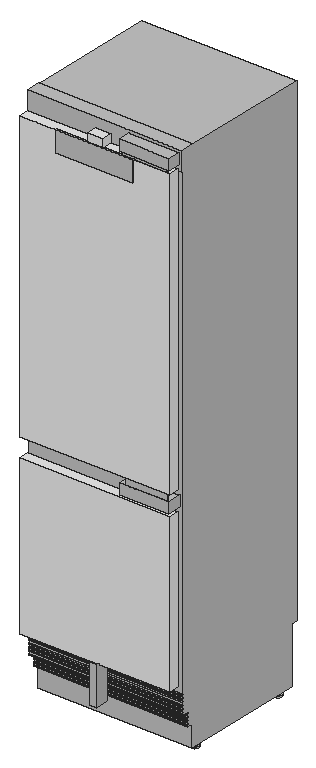
Revit family "FP_Revit_18_RS2484WRUK1_Fridge_90001070A", category Specialty Equipment, Revit 2018 (continued)
Definition of nested family "Handle Professional Round - Vertical"
  Automatic sketch dimensions
    Sweep 5 sketch curve to profile plane = 3 mm  (x2)
    Extrusion 6 sketch curve to plane 3 "Center (Left/Right)" = 0 mm
    Extrusion 6 sketch curve to plane 3 "Center (Left/Right)" = 18.5 mm
    plane 1 "Center (Front/Back)" to Extrusion 6 sketch curve = 41.7 mm
    Extrusion 6 sketch curve to Extrusion 6 sketch curve = 41.7 mm
    Extrusion 7 sketch curve to plane 3 "Center (Left/Right)" = 0 mm
    Extrusion 7 sketch curve to plane 3 "Center (Left/Right)" = 18.5 mm
    plane 1 "Center (Front/Back)" to Extrusion 7 sketch curve = 41.7 mm
    Extrusion 7 sketch curve to Extrusion 7 sketch curve = 41.7 mm
    radius of Extrusion 3 sketch curve = 12.7 mm
Definition of nested family "Handle Professional Round Flush - Vertical"
  Parameters (values of type "AHP3-RD84 - Professional round flush handle (Vertical) 677mm")
    URL = "www.fisherpaykel.com"
    Material - Handle = none
    Manufacturer = "Fisher & Paykel Appliances"
    Handle - Length = 677 mm
  Types (4): name
    (no name)
    AHP3RD2484W - Professional round flush handle (1 of 2) (Vertical) 677mm
    AHP3RD3084W - Professional round flush handle (1 of 2) (Vertical) 677mm
    AHP3-RD84 - Professional round flush handle (Vertical) 677mm
  Reference planes
    plane 1 "Center (Front/Back)": y = 0
    plane 2: z = 0
    plane 3 "Center (Left/Right)": x = 0
    plane 4 "Top": z = 338.5
    plane 5 "Bottom": z = -338.5
    plane 6 "Top Standoff": z = 303.5
    plane 7 "Bottom Standoff": z = -303.5
  Forms (mm)
    Extrusion 1, solid, material <- "Material - Handle", detail levels fine
      sketch origin (0, 0, 0) x (1, 0, 0) y (0, 1, 0)
        loop
          arc (-12.817, -46.665) -> (0, -58.016) -> (12.817, -46.665) r 12.912
          line (12.817, -46.665) -> (18.5, 0) -> (-18.5, 0) -> (-12.817, -46.665)
      from 303.5 to 338.5
    Extrusion 2, solid, material <- "Material - Handle", detail levels fine
      sketch origin (0, 0, 0) x (1, 0, 0) y (0, 1, 0)
        loop
          arc (-12.817, -46.665) -> (0, -58.016) -> (12.817, -46.665) r 12.912
          line (12.817, -46.665) -> (18.5, 0) -> (-18.5, 0) -> (-12.817, -46.665)
      from -338.5 to -303.5
    Extrusion 3, solid, material <- "Material - Handle"
      sketch origin (0, 0, 0) x (1, 0, 0) y (0, 1, 0)
        loop
          circle (0, -45.116) r 12.7
      from -303.5 to 303.5
    Sweep 4, void
      path in 3D
        loop
          line (18.5, 0, 338.5) -> (12.817, -46.665, 338.5)
          arc (12.817, -46.665, 338.5) -> (0, -58.016, 338.5) -> (-12.817, -46.665, 338.5) r 12.912
          line (-12.817, -46.665, 338.5) -> (-18.5, 0, 338.5)
      profile origin (0, -58.016, 338.5) x (0, -1, 0) y (0, 0, 1)
        loop
          line (0, 0) -> (-1.5, 0) -> (0, -1.5) -> (0, 0)
    Sweep 5, void
      path in 3D
        loop
          line (-18.5, 0, -338.5) -> (-12.817, -46.665, -338.5)
          arc (-12.817, -46.665, -338.5) -> (0, -58.016, -338.5) -> (12.817, -46.665, -338.5) r 12.912
          line (12.817, -46.665, -338.5) -> (18.5, 0, -338.5)
      profile origin (0, -58.016, -338.5) x (0, -1, 0) y (0, 0, -1)
        loop
          line (0, 0) -> (-1.5, 0) -> (0, -1.5) -> (0, 0)
    Extrusion 6, solid, material <- "Material - Handle", detail levels coarse+medium
      sketch origin (0, 0, 0) x (1, 0, 0) y (0, 1, 0)
        loop
          arc (-12.817, -46.665) -> (0, -58.016) -> (12.817, -46.665) r 12.912
          line (12.817, -46.665) -> (18.5, 0) -> (-18.5, 0) -> (-12.817, -46.665)
      from 303.5 to 338.5
    Extrusion 7, solid, material <- "Material - Handle", detail levels coarse+medium
      sketch origin (0, 0, 0) x (1, 0, 0) y (0, 1, 0)
        loop
          arc (-12.817, -46.665) -> (0, -58.016) -> (12.817, -46.665) r 12.912
          line (12.817, -46.665) -> (18.5, 0) -> (-18.5, 0) -> (-12.817, -46.665)
      from -338.5 to -303.5
  Cuts and joins
    Sweep 4 cuts Extrusion 1
    Sweep 5 cuts Extrusion 2
  Lines and regions (mm)
    sketch lines
      curve 1: arc (12.817, -46.665, 338.5) -> (0, -58.016, 338.5) -> (-12.817, -46.665, 338.5) r 12.912
      curve 2: line (12.817, -46.665, 338.5) -> (18.5, 0, 338.5)
      curve 3: line (-18.5, 0, 338.5) -> (-12.817, -46.665, 338.5)
      curve 4: arc (-12.817, -46.665, -338.5) -> (0, -58.016, -338.5) -> (12.817, -46.665, -338.5) r 12.912
      curve 5: line (18.5, 0, -338.5) -> (12.817, -46.665, -338.5)
      curve 6: line (-12.817, -46.665, -338.5) -> (-18.5, 0, -338.5)
  Dimensions and locks
    equal spacing: plane 4 "Top", level, plane 5 "Bottom"
    "Handle - Length": plane 4 "Top" to plane 5 "Bottom"
    aligned and locked: level to plane 2
    aligned and locked: plane 4 "Top" to Extrusion 1
    aligned and locked: Extrusion 1 to plane 6 "Top Standoff"
    aligned and locked: Extrusion 2 to plane 5 "Bottom"
    aligned and locked: plane 1 "Center (Front/Back)" to Extrusion 2 sketch curve
    aligned and locked: plane 6 "Top Standoff" to Extrusion 3
    aligned and locked: Extrusion 3 to plane 7 "Bottom Standoff"
  Automatic sketch dimensions
    plane 1 "Center (Front/Back)" to Extrusion 1 sketch curve = 0 mm
    Extrusion 1 sketch curve to plane 3 "Center (Left/Right)" = 0 mm
    Extrusion 1 sketch curve to plane 3 "Center (Left/Right)" = 12.817 mm
    Extrusion 1 sketch curve to plane 3 "Center (Left/Right)" = 18.5 mm
    plane 3 "Center (Left/Right)" to Extrusion 1 sketch curve = 12.817 mm
    plane 3 "Center (Left/Right)" to Extrusion 1 sketch curve = 18.5 mm
    plane 1 "Center (Front/Back)" to Extrusion 1 sketch curve = 45.104 mm
    Extrusion 1 sketch curve to Extrusion 1 sketch curve = 1.561 mm
    Extrusion 2 sketch curve to plane 3 "Center (Left/Right)" = 0 mm
    Extrusion 2 sketch curve to plane 3 "Center (Left/Right)" = 12.817 mm
    Extrusion 2 sketch curve to plane 3 "Center (Left/Right)" = 18.5 mm
    plane 3 "Center (Left/Right)" to Extrusion 2 sketch curve = 12.817 mm
    plane 3 "Center (Left/Right)" to Extrusion 2 sketch curve = 18.5 mm
    plane 1 "Center (Front/Back)" to Extrusion 2 sketch curve = 45.104 mm
    Extrusion 2 sketch curve to Extrusion 2 sketch curve = 1.561 mm
    Extrusion 3 sketch curve to plane 3 "Center (Left/Right)" = 0 mm
    plane 1 "Center (Front/Back)" to Extrusion 3 sketch curve = 45.116 mm
    Sweep 4 sketch curve to profile plane = 0 mm  (x2)
    profile plane to Sweep 4 sketch curve = 1.5 mm
    Sweep 4 sketch curve to profile plane = 1.5 mm
    profile plane to Sweep 5 sketch curve = 0 mm
    Sweep 5 sketch curve to profile plane = 0 mm
    profile plane to Sweep 5 sketch curve = 1.5 mm
    Sweep 5 sketch curve to profile plane = 1.5 mm
    Extrusion 6 sketch curve to plane 3 "Center (Left/Right)" = 0 mm
    Extrusion 6 sketch curve to plane 3 "Center (Left/Right)" = 12.817 mm
    Extrusion 6 sketch curve to plane 3 "Center (Left/Right)" = 18.5 mm
    plane 3 "Center (Left/Right)" to Extrusion 6 sketch curve = 12.817 mm
    plane 3 "Center (Left/Right)" to Extrusion 6 sketch curve = 18.5 mm
    plane 1 "Center (Front/Back)" to Extrusion 6 sketch curve = 46.665 mm
    Extrusion 6 sketch curve to Extrusion 6 sketch curve = 1.561 mm
    Extrusion 6 sketch curve to Extrusion 6 sketch curve = 46.665 mm
    Extrusion 7 sketch curve to plane 3 "Center (Left/Right)" = 0 mm
    Extrusion 7 sketch curve to plane 3 "Center (Left/Right)" = 12.817 mm
    Extrusion 7 sketch curve to plane 3 "Center (Left/Right)" = 18.5 mm
    plane 3 "Center (Left/Right)" to Extrusion 7 sketch curve = 12.817 mm
    plane 3 "Center (Left/Right)" to Extrusion 7 sketch curve = 18.5 mm
    plane 1 "Center (Front/Back)" to Extrusion 7 sketch curve = 46.665 mm
    Extrusion 7 sketch curve to Extrusion 7 sketch curve = 1.561 mm
    Extrusion 7 sketch curve to Extrusion 7 sketch curve = 46.665 mm
    radius of Extrusion 3 sketch curve = 12.7 mm
Definition of nested family "Handle Professional Square - Vertical"
  Parameters (values of type "AHV2RS3272A - Professional square handle (1 of 2) (Vertical) 727mm")
    URL = "www.fisherpaykel.com"
    Material - Handle = none
    Manufacturer = "Fisher & Paykel Appliances"
    Handle - Length = 727 mm
  Types (5, lengths in mm): name | Handle - Length
    (no name) | 727
    AHV2RD2484W - Professional square handle (1 of 2) (Vertical) 727mm | 727
    AHV2RD3084W - Professional square handle (1 of 2) (Vertical) 727mm | 727
    AHV2-RD84 - Professional square handle (Vertical) 792mm | 792
    AHV2RS3272A - Professional square handle (1 of 2) (Vertical) 727mm | 727
  Reference planes
    plane 1 "Center (Front/Back)": y = 0
    plane 2: z = 0
    plane 3 "Center (Left/Right)": x = 0
    plane 4 "Top": z = 363.5
    plane 5 "Bottom": z = -363.5
    plane 6 "Top Standoff": z = 313.5
    plane 7 "Bottom Standoff": z = -313.5
  Forms (mm)
    Extrusion 1, solid, material <- "Material - Handle", detail levels fine
      sketch origin (0, 0, 0) x (0, 1, 0) y (0, 0, 1)
        loop
          line (0, 363.5) -> (-40, 363.5)
          arc (-40, 363.5) -> (-47.071, 360.571) -> (-50, 353.5) r 10
          line (-50, 353.5) -> (-50, 313.5) -> (0, 313.5) -> (0, 363.5)
        loop
          line (0, -363.5) -> (0, -313.5) -> (-50, -313.5) -> (-50, -353.5)
          arc (-50, -353.5) -> (-47.071, -360.571) -> (-40, -363.5) r 10
          line (-40, -363.5) -> (0, -363.5)
      from -17.5 to 17.5
    Sweep 2, void
      path in 3D
        loop
          line (17.5, 0, 363.5) -> (17.5, -40, 363.5)
          arc (17.5, -40, 363.5) -> (17.5, -47.071, 360.571) -> (17.5, -50, 353.5) r 10
          line (17.5, -50, 353.5) -> (17.5, -50, 313.5)
      profile origin (17.5, -20, 363.5) x (1, 0, 0) y (0, 0, 1)
        loop
          line (0, 0) -> (-2.5, 0) -> (0, -2.5) -> (0, 0)
    Sweep 3, void
      path in 3D
        loop
          line (-17.5, -50, 313.5) -> (-17.5, -50, 353.5)
          arc (-17.5, -50, 353.5) -> (-17.5, -47.071, 360.571) -> (-17.5, -40, 363.5) r 10
          line (-17.5, -40, 363.5) -> (-17.5, 0, 363.5)
      profile origin (-17.5, -20, 363.5) x (-1, 0, 0) y (0, 0, 1)
        loop
          line (0, 0) -> (-2.5, 0) -> (0, -2.5) -> (0, 0)
    Sweep 4, void
      path in 3D
        loop
          line (17.5, -50, -313.5) -> (17.5, -50, -353.5)
          arc (17.5, -50, -353.5) -> (17.5, -47.071, -360.571) -> (17.5, -40, -363.5) r 10
          line (17.5, -40, -363.5) -> (17.5, 0, -363.5)
      profile origin (17.5, -20, -363.5) x (1, 0, 0) y (0, 0, -1)
        loop
          line (0, 0) -> (-2.5, 0) -> (0, -2.5) -> (0, 0)
    Sweep 5, void
      path in 3D
        loop
          line (-17.5, 0, -363.5) -> (-17.5, -40, -363.5)
          arc (-17.5, -40, -363.5) -> (-17.5, -47.071, -360.571) -> (-17.5, -50, -353.5) r 10
          line (-17.5, -50, -353.5) -> (-17.5, -50, -313.5)
      profile origin (-17.5, -20, -363.5) x (-1, 0, 0) y (0, 0, -1)
        loop
          line (0, 0) -> (-2.5, 0) -> (0, -2.5) -> (0, 0)
    Extrusion 6, solid, material <- "Material - Handle", detail levels fine
      sketch origin (0, 0, 0) x (1, 0, 0) y (0, 1, 0)
        loop
          line (-15.5, -36.737) -> (-15.5, -46.422) -> (-14.172, -47.75) -> (14.172, -47.75) -> (15.5, -46.422) -> (15.5, -36.737)
          arc (15.5, -36.737) -> (0, -32.25) -> (-15.5, -36.737) r 29.013
      from -313.5 to 313.5
    Extrusion 7, solid, material <- "Material - Handle", detail levels coarse+medium
      sketch origin (0, 0, 0) x (0, 1, 0) y (0, 0, 1)
        loop
          line (0, 363.5) -> (-40, 363.5)
          arc (-40, 363.5) -> (-47.071, 360.571) -> (-50, 353.5) r 10
          line (-50, 353.5) -> (-50, -353.5)
          arc (-50, -353.5) -> (-47.071, -360.571) -> (-40, -363.5) r 10
          line (-40, -363.5) -> (0, -363.5) -> (0, -313.5) -> (-31.95, -313.5) -> (-31.95, 313.5) -> (0, 313.5) -> (0, 363.5)
      from -17.5 to 17.5
  Cuts and joins
    Sweep 2, Sweep 3, Sweep 4, Sweep 5 cuts Extrusion 1
  Lines and regions (mm)
    sketch lines
      curve 1: line (17.5, 0, 363.5) -> (17.5, -40, 363.5)
      curve 2: arc (17.5, -50, 353.5) -> (17.5, -47.071, 360.571) -> (17.5, -40, 363.5) r 10
      curve 3: line (17.5, -50, 353.5) -> (17.5, -50, 313.5)
      curve 4: line (-17.5, -40, 363.5) -> (-17.5, 0, 363.5)
      curve 5: arc (-17.5, -40, 363.5) -> (-17.5, -47.071, 360.571) -> (-17.5, -50, 353.5) r 10
      curve 6: line (-17.5, -50, 313.5) -> (-17.5, -50, 353.5)
      curve 7: line (17.5, -40, -363.5) -> (17.5, 0, -363.5)
      curve 8: arc (17.5, -40, -363.5) -> (17.5, -47.071, -360.571) -> (17.5, -50, -353.5) r 10
      curve 9: line (17.5, -50, -313.5) -> (17.5, -50, -353.5)
      curve 10: line (-17.5, 0, -363.5) -> (-17.5, -40, -363.5)
      curve 11: arc (-17.5, -50, -353.5) -> (-17.5, -47.071, -360.571) -> (-17.5, -40, -363.5) r 10
      curve 12: line (-17.5, -50, -353.5) -> (-17.5, -50, -313.5)
  Dimensions and locks
    equal spacing: plane 4 "Top", level, plane 5 "Bottom"
    "Handle - Length": plane 4 "Top" to plane 5 "Bottom"
    plane 7 "Bottom Standoff" to plane 5 "Bottom" = 50 mm
    plane 4 "Top" to plane 6 "Top Standoff" = 50 mm
    aligned and locked: level to plane 2
    aligned and locked: plane 4 "Top" to Extrusion 1 sketch curve
    aligned and locked: plane 5 "Bottom" to Extrusion 1 sketch curve
    aligned and locked: Extrusion 1 sketch curve to plane 1 "Center (Front/Back)"
    aligned and locked: plane 1 "Center (Front/Back)" to Extrusion 1 sketch curve
    aligned and locked: plane 6 "Top Standoff" to Extrusion 1 sketch curve
    aligned and locked: plane 7 "Bottom Standoff" to Extrusion 1 sketch curve
    aligned and locked: plane 6 "Top Standoff" to Extrusion 6
    aligned and locked: Extrusion 6 to plane 7 "Bottom Standoff"
    aligned and locked: plane 4 "Top" to Extrusion 7 sketch curve
    aligned and locked: plane 6 "Top Standoff" to Extrusion 7 sketch curve
    aligned and locked: plane 1 "Center (Front/Back)" to Extrusion 7 sketch curve
    aligned and locked: plane 7 "Bottom Standoff" to Extrusion 7 sketch curve
    aligned and locked: plane 5 "Bottom" to Extrusion 7 sketch curve
    aligned and locked: Extrusion 7 sketch curve to plane 1 "Center (Front/Back)"
  Automatic sketch dimensions
    Sweep 2 sketch curve to profile plane = 0 mm
    profile plane to Sweep 2 sketch curve = 0 mm
    profile plane to Sweep 2 sketch curve = 2.5 mm
    Sweep 2 sketch curve to profile plane = 2.5 mm
    Sweep 3 sketch curve to profile plane = 0 mm  (x2)
    profile plane to Sweep 3 sketch curve = 2.5 mm
    Sweep 3 sketch curve to profile plane = 2.5 mm
    Sweep 4 sketch curve to profile plane = 0 mm
    profile plane to Sweep 4 sketch curve = 0 mm
    profile plane to Sweep 4 sketch curve = 2.5 mm
    Sweep 4 sketch curve to profile plane = 2.5 mm
    Sweep 5 sketch curve to profile plane = 0 mm  (x2)
    profile plane to Sweep 5 sketch curve = 2.5 mm
    Sweep 5 sketch curve to profile plane = 2.5 mm
    plane 1 "Center (Front/Back)" to Extrusion 1 sketch curve = 40 mm  (x2)
    Extrusion 1 sketch curve to Extrusion 1 sketch curve = 10 mm  (x2)
    Extrusion 6 sketch curve to plane 3 "Center (Left/Right)" = 0 mm
    Extrusion 6 sketch curve to Extrusion 6 sketch curve = 1.328 mm  (x4)
    plane 1 "Center (Front/Back)" to Extrusion 6 sketch curve = 61.263 mm
    Extrusion 6 sketch curve to Extrusion 6 sketch curve = 13.513 mm
    Extrusion 6 sketch curve to Extrusion 6 sketch curve = 9.684 mm  (x2)
    Extrusion 6 sketch curve to plane 3 "Center (Left/Right)" = 14.172 mm
    plane 1 "Center (Front/Back)" to Extrusion 7 sketch curve = 31.95 mm
    plane 1 "Center (Front/Back)" to Extrusion 7 sketch curve = 40 mm  (x2)
    Extrusion 7 sketch curve to plane 4 "Top" = 10 mm
Definition of nested family "Handle Contemporary Round - Horizontal"
  Parameters (values of type "AHSRS80A - Contemporary round handle (2 of 2) (Horizontal) 646mm")
    URL = "www.fisherpaykel.com"
    Product - Width = 646 mm
    Material - Handle = none
    Manufacturer = "Fisher & Paykel Appliances"
  Types (5, lengths in mm): name | Product - Width
    (no name) | 646
    AHSRD2484W - Contemporary round handle (2 of 2) (Horizontal) 494mm | 494
    AHSRD3084W - Contemporary round handle (2 of 2) (Horizontal) 646mm | 646
    AHSRS3272A - Contemporary round handle (2 of 2) (Horizontal) 646mm | 646
    AHSRS80A - Contemporary round handle (2 of 2) (Horizontal) 646mm | 646
  Reference planes
    plane 1 "Center (Front/Back)": y = 0
    plane 2: z = 0
    plane 3 "Center (Left/Right)": x = 0
    plane 4 "Product LHS": x = -323
    plane 5 "Product RHS": x = 323
    plane 6 "LHS Standoff": x = -202.995
    plane 7 "RHS Standoff": x = 203.005
  Forms (mm)
    Extrusion 1, solid, material <- "Material - Handle"
      sketch origin (0, 0, 0) x (0, 1, 0) y (0, 0, 1)
        loop
          circle (-32.3, 0) r 8.7
      from -202.995 to 203.005
    Extrusion 2, solid, material <- "Material - Handle", detail levels fine
      sketch origin (0, 0, 0) x (0, 1, 0) y (0, 0, 1)
        loop
          line (0, 8.7) -> (-32.3, 8.7)
          arc (-32.3, 8.7) -> (-41, 0) -> (-32.3, -8.7) r 8.7
          line (-32.3, -8.7) -> (0, -8.7) -> (0, 8.7)
      from 203.005 to 323
    Extrusion 3, solid, material <- "Material - Handle", detail levels fine
      sketch origin (0, 0, 0) x (0, 1, 0) y (0, 0, -1)
        loop
          line (0, -8.7) -> (0, 8.7) -> (-32.3, 8.7)
          arc (-32.3, 8.7) -> (-41, 0) -> (-32.3, -8.7) r 8.7
          line (-32.3, -8.7) -> (0, -8.7)
      from 202.995 to 323
    Sweep 4, void
      path in 3D
        loop
          line (323, 0, 8.7) -> (323, -32.3, 8.7)
          arc (323, -32.3, 8.7) -> (323, -41, 0) -> (323, -32.3, -8.7) r 8.7
          line (323, -32.3, -8.7) -> (323, 0, -8.7)
      profile origin (323, -16.15, 8.7) x (1, 0, 0) y (0, 0, 1)
        loop
          line (0, 0) -> (-1, 0) -> (0, -1) -> (0, 0)
    Sweep 5, void
      path in 3D
        loop
          line (-323, 0, -8.7) -> (-323, -32.3, -8.7)
          arc (-323, -32.3, -8.7) -> (-323, -41, 0) -> (-323, -32.3, 8.7) r 8.7
          line (-323, -32.3, 8.7) -> (-323, 0, 8.7)
      profile origin (-323, -16.15, 8.7) x (-1, 0, 0) y (0, 0, 1)
        loop
          line (0, 0) -> (-1, 0) -> (0, -1) -> (0, 0)
    Extrusion 6, solid, material <- "Material - Handle", detail levels coarse+medium
      sketch origin (0, 0, 0) x (0, 1, 0) y (0, 0, 1)
        loop
          line (0, 8.7) -> (-32.3, 8.7)
          arc (-32.3, 8.7) -> (-41, 0) -> (-32.3, -8.7) r 8.7
          line (-32.3, -8.7) -> (0, -8.7) -> (0, 8.7)
      from 203.005 to 323
    Extrusion 7, solid, material <- "Material - Handle", detail levels coarse+medium
      sketch origin (0, 0, 0) x (0, 1, 0) y (0, 0, -1)
        loop
          line (0, -8.7) -> (0, 8.7) -> (-32.3, 8.7)
          arc (-32.3, 8.7) -> (-41, 0) -> (-32.3, -8.7) r 8.7
          line (-32.3, -8.7) -> (0, -8.7)
      from 202.995 to 323
  Cuts and joins
    Sweep 4 cuts Extrusion 2
    Sweep 5 cuts Extrusion 3
  Lines and regions (mm)
    sketch lines
      curve 1: line (323, 0, 8.7) -> (323, -32.3, 8.7)
      curve 2: arc (323, -32.3, -8.7) -> (323, -41, 0) -> (323, -32.3, 8.7) r 8.7
      curve 3: line (323, -32.3, -8.7) -> (323, 0, -8.7)
      curve 4: line (-323, -32.3, 8.7) -> (-323, 0, 8.7)
      curve 5: arc (-323, -32.3, 8.7) -> (-323, -41, 0) -> (-323, -32.3, -8.7) r 8.7
      curve 6: line (-323, 0, -8.7) -> (-323, -32.3, -8.7)
  Dimensions and locks
    equal spacing: plane 4 "Product LHS", plane 3 "Center (Left/Right)", plane 5 "Product RHS"
    "Product - Width": plane 4 "Product LHS" to plane 5 "Product RHS"
    locked: plane 4 "Product LHS" to plane 6 "LHS Standoff" at 120.005
    locked: plane 7 "RHS Standoff" to plane 5 "Product RHS" at 119.995
    equal spacing: Extrusion 2 sketch curve, level, Extrusion 2 sketch curve
    Extrusion 3 sketch curve to Extrusion 3 sketch curve = 17.4 mm
    Extrusion 6 sketch curve to Extrusion 6 sketch curve = 17.4 mm
    Extrusion 7 sketch curve to Extrusion 7 sketch curve = 17.4 mm
    aligned and locked: level to plane 2
    aligned and locked: plane 7 "RHS Standoff" to Extrusion 1
    aligned and locked: Extrusion 2 to Extrusion 1
    aligned and locked: Extrusion 2 to plane 5 "Product RHS"
    aligned and locked: plane 4 "Product LHS" to Extrusion 3
    aligned and locked: plane 6 "LHS Standoff" to Extrusion 3
    aligned and locked: Extrusion 1 to plane 6 "LHS Standoff"
    aligned and locked: Extrusion 6 to Extrusion 1
    aligned and locked: Extrusion 6 to plane 5 "Product RHS"
    aligned and locked: plane 4 "Product LHS" to Extrusion 7
    aligned and locked: Extrusion 7 to Extrusion 1
  Automatic sketch dimensions
    Extrusion 1 sketch curve to level = 0 mm
    plane 1 "Center (Front/Back)" to Extrusion 1 sketch curve = 32.3 mm
    Extrusion 2 sketch curve to plane 1 "Center (Front/Back)" = 0 mm
    Extrusion 2 sketch curve to level = 8.7 mm
    plane 1 "Center (Front/Back)" to Extrusion 2 sketch curve = 32.3 mm
    Extrusion 3 sketch curve to level = 0 mm
    Extrusion 3 sketch curve to plane 1 "Center (Front/Back)" = 0 mm
    Extrusion 3 sketch curve to level = 8.7 mm
    plane 1 "Center (Front/Back)" to Extrusion 3 sketch curve = 32.3 mm
    Sweep 4 sketch curve to profile plane = 0 mm
    profile plane to Sweep 4 sketch curve = 0 mm
    profile plane to Sweep 4 sketch curve = 1 mm
    Sweep 4 sketch curve to profile plane = 1 mm
    Sweep 5 sketch curve to profile plane = 0 mm  (x2)
    profile plane to Sweep 5 sketch curve = 1 mm
    Sweep 5 sketch curve to profile plane = 1 mm
    Extrusion 6 sketch curve to level = 0 mm
    level to Extrusion 6 sketch curve = 8.7 mm
    plane 1 "Center (Front/Back)" to Extrusion 6 sketch curve = 32.3 mm
    Extrusion 6 sketch curve to Extrusion 6 sketch curve = 32.3 mm
    Extrusion 7 sketch curve to level = 0 mm
    level to Extrusion 7 sketch curve = 8.7 mm
    plane 1 "Center (Front/Back)" to Extrusion 7 sketch curve = 32.3 mm
    Extrusion 7 sketch curve to Extrusion 7 sketch curve = 32.3 mm
    radius of Extrusion 1 sketch curve = 8.7 mm
Definition of nested family "Handle Contemporary Square - Horizontal"
  Parameters (values of type "AHD3RD3084W - Contemporary square handle (2 of 2) (Horizontal) 646mm")
    URL = "www.fisherpaykel.com"
    Material - Handle = none
    Manufacturer = "Fisher & Paykel Appliances"
    Handle - Length = 646 mm
  Types (5, lengths in mm): name | Handle - Length
    (no name) | 646
    AHD3RD2484W - Contemporary square handle (2 of 2) (Horizontal) 494mm | 494
    AHD3RD3084W - Contemporary square handle (2 of 2) (Horizontal) 646mm | 646
    AHD3RS3272A - Contemporary square handle (2 of 2) (Horizontal) 646mm | 646
    AHD3RS80A - Contemporary square handle (2 of 2) (Horizontal) 646mm | 646
  Reference planes
    plane 1 "Center (Front/Back)": y = 0
    plane 2: z = 0
    plane 3 "Center (Left/Right)": x = 0
    plane 4 "Product LHS": x = -323
    plane 5 "Product RHS": x = 323
    plane 6 "LHS Standoff": x = -202.995
    plane 7 "RHS Standoff": x = 203.005
  Forms (mm)
    Extrusion 1, solid, material <- "Material - Handle", detail levels fine
      sketch origin (0, 0, 0) x (0, 1, 0) y (0, 0, 1)
        loop
          arc (-28.701, 7.561) -> (-29.057, 7.868) -> (-29.514, 7.978) r 1
          line (-29.514, 7.978) -> (-40.5, 7.978)
          arc (-40.5, 7.978) -> (-41.561, 7.539) -> (-42, 6.478) r 1.5
          line (-42, 6.478) -> (-42, -6.522)
          arc (-42, -6.522) -> (-41.561, -7.583) -> (-40.5, -8.022) r 1.5
          line (-40.5, -8.022) -> (-29.487, -8.022)
          arc (-29.487, -8.022) -> (-29.029, -7.911) -> (-28.673, -7.602) r 1
          arc (-28.673, -7.602) -> (-26.256, -0.016) -> (-28.701, 7.561) r 13.038
      from -323 to 323
    Extrusion 2, solid, material <- "Material - Handle", detail levels fine
      sketch origin (0, 0, 0) x (0, 1, 0) y (0, 0, 1)
        loop
          arc (-28.23, 7.062) -> (-26.156, 0.008) -> (-28.198, -7.056) r 13.136
          arc (-28.198, -7.056) -> (-28.21, -7.463) -> (-27.86, -7.67) r 0.4
          line (-27.86, -7.67) -> (0, -7.67) -> (0, 7.678) -> (-27.893, 7.678)
          arc (-27.893, 7.678) -> (-28.244, 7.47) -> (-28.23, 7.062) r 0.4
      from 203.005 to 323
    Extrusion 3, solid, material <- "Material - Handle", detail levels fine
      sketch origin (0, 0, 0) x (0, 1, 0) y (0, 0, -1)
        loop
          arc (-28.23, -7.062) -> (-28.244, -7.47) -> (-27.893, -7.678) r 0.4
          line (-27.893, -7.678) -> (0, -7.678) -> (0, 7.67) -> (-27.86, 7.67)
          arc (-27.86, 7.67) -> (-28.21, 7.463) -> (-28.198, 7.056) r 0.4
          arc (-28.198, 7.056) -> (-26.156, -0.008) -> (-28.23, -7.062) r 13.136
      from 202.995 to 323
    Sweep 4, void
      path in 3D
        loop
          line (323, -29.514, 7.978) -> (323, -40.5, 7.978)
          arc (323, -40.5, 7.978) -> (323, -41.561, 7.539) -> (323, -42, 6.478) r 1.5
          line (323, -42, 6.478) -> (323, -42, -6.522)
          arc (323, -42, -6.522) -> (323, -41.561, -7.583) -> (323, -40.5, -8.022) r 1.5
          line (323, -40.5, -8.022) -> (323, -29.487, -8.022)
      profile origin (323, -35.007, 7.978) x (1, 0, 0) y (0, 0, 1)
        loop
          line (0, 0) -> (-1.3, 0) -> (0, -1.3) -> (0, 0)
    Sweep 5, void
      path in 3D
        loop
          line (-323, -29.487, -8.022) -> (-323, -40.5, -8.022)
          arc (-323, -40.5, -8.022) -> (-323, -41.561, -7.583) -> (-323, -42, -6.522) r 1.5
          line (-323, -42, -6.522) -> (-323, -42, 6.478)
          arc (-323, -42, 6.478) -> (-323, -41.561, 7.539) -> (-323, -40.5, 7.978) r 1.5
          line (-323, -40.5, 7.978) -> (-323, -29.514, 7.978)
      profile origin (-323, -35.007, 7.978) x (-1, 0, 0) y (0, 0, 1)
        loop
          line (0, 0) -> (-1.3, 0) -> (0, -1.3) -> (0, 0)
    Extrusion 6, void
      sketch origin (0, 0, 0) x (1, 0, 0) y (0, 0, 1)
        loop
          line (323, 7.978) -> (321.7, 7.978) -> (323, 6.678) -> (323, 7.978)
        loop
          line (323, -8.022) -> (323, -6.722) -> (321.7, -8.022) -> (323, -8.022)
      from 0 to 40
    Extrusion 7, void
      sketch origin (0, 0, 0) x (1, 0, 0) y (0, 0, 1)
        loop
          line (-323, 7.978) -> (-323, 6.678) -> (-321.7, 7.978) -> (-323, 7.978)
        loop
          line (-323, -8.022) -> (-321.7, -8.022) -> (-323, -6.722) -> (-323, -8.022)
      from 0 to 40
    Extrusion 8, solid, material <- "Material - Handle", detail levels coarse+medium
      sketch origin (0, 0, 0) x (1, 0, 0) y (0, 1, 0)
        loop
          line (-323, -42) -> (323, -42) -> (323, 0) -> (203.005, 0) -> (203.005, -26.156) -> (-202.995, -26.156) -> (-202.995, 0) -> (-323, 0) -> (-323, -42)
      from -8.022 to 7.978
  Cuts and joins
    Sweep 4, Sweep 5, Extrusion 6, Extrusion 7 cuts Extrusion 1
    Extrusion 6 cuts Extrusion 2
    Extrusion 7 cuts Extrusion 3
  Lines and regions (mm)
    sketch lines
      curve 1: line (323, -29.514, 7.978) -> (323, -40.5, 7.978)
      curve 2: arc (323, -42, 6.478) -> (323, -41.561, 7.539) -> (323, -40.5, 7.978) r 1.5
      curve 3: line (323, -42, 6.478) -> (323, -42, -6.522)
      curve 4: arc (323, -40.5, -8.022) -> (323, -41.561, -7.583) -> (323, -42, -6.522) r 1.5
      curve 5: line (323, -40.5, -8.022) -> (323, -29.487, -8.022)
      curve 6: line (-323, -40.5, 7.978) -> (-323, -29.514, 7.978)
      curve 7: arc (-323, -40.5, 7.978) -> (-323, -41.561, 7.539) -> (-323, -42, 6.478) r 1.5
      curve 8: line (-323, -42, -6.522) -> (-323, -42, 6.478)
      curve 9: arc (-323, -42, -6.522) -> (-323, -41.561, -7.583) -> (-323, -40.5, -8.022) r 1.5
      curve 10: line (-323, -29.487, -8.022) -> (-323, -40.5, -8.022)
  Dimensions and locks
    equal spacing: plane 4 "Product LHS", plane 3 "Center (Left/Right)", plane 5 "Product RHS"
    "Handle - Length": plane 4 "Product LHS" to plane 5 "Product RHS"
    locked: plane 4 "Product LHS" to plane 6 "LHS Standoff" at 120.005
    locked: plane 7 "RHS Standoff" to plane 5 "Product RHS" at 119.995
    aligned and locked: level to plane 2
    aligned and locked: Extrusion 1 to plane 5 "Product RHS"
    aligned and locked: plane 4 "Product LHS" to Extrusion 1
    aligned and locked: Extrusion 2 to plane 5 "Product RHS"
    aligned and locked: plane 4 "Product LHS" to Extrusion 3
    aligned and locked: plane 4 "Product LHS" to Extrusion 8 sketch curve
    aligned and locked: Extrusion 8 sketch curve to plane 5 "Product RHS"
    aligned and locked: Extrusion 8 sketch curve to plane 7 "RHS Standoff"
    aligned and locked: plane 6 "LHS Standoff" to Extrusion 8 sketch curve
    aligned and locked: Extrusion 2 to plane 7 "RHS Standoff"
    aligned and locked: plane 6 "LHS Standoff" to Extrusion 3
  Automatic sketch dimensions
    Extrusion 1 sketch curve to level = 6.522 mm
    plane 1 "Center (Front/Back)" to Extrusion 1 sketch curve = 42 mm
    Extrusion 1 sketch curve to Extrusion 1 sketch curve = 1.5 mm  (x2)
    Extrusion 1 sketch curve to level = 0.04 mm
    Extrusion 1 sketch curve to Extrusion 1 sketch curve = 1.206 mm
    level to Extrusion 1 sketch curve = 6.978 mm
    Extrusion 1 sketch curve to Extrusion 1 sketch curve = 10.986 mm
    Extrusion 1 sketch curve to Extrusion 1 sketch curve = 11.013 mm
    Extrusion 1 sketch curve to Extrusion 1 sketch curve = 1 mm
    level to Extrusion 1 sketch curve = 6.478 mm
    Extrusion 1 sketch curve to Extrusion 1 sketch curve = 0 mm
    Extrusion 2 sketch curve to plane 1 "Center (Front/Back)" = 0 mm
    Extrusion 2 sketch curve to level = 7.67 mm
    Extrusion 2 sketch curve to Extrusion 2 sketch curve = 27.86 mm
    level to Extrusion 2 sketch curve = 7.678 mm
    Extrusion 2 sketch curve to Extrusion 2 sketch curve = 0.033 mm
    Extrusion 2 sketch curve to level = 0.022 mm
    Extrusion 2 sketch curve to Extrusion 2 sketch curve = 11.398 mm
    Extrusion 2 sketch curve to Extrusion 2 sketch curve = 0.4 mm  (x2)
    Extrusion 2 sketch curve to Extrusion 2 sketch curve = 0 mm
    Extrusion 3 sketch curve to plane 1 "Center (Front/Back)" = 0 mm
    Extrusion 3 sketch curve to level = 7.67 mm
    Extrusion 3 sketch curve to Extrusion 3 sketch curve = 27.86 mm
    level to Extrusion 3 sketch curve = 7.678 mm
    Extrusion 3 sketch curve to Extrusion 3 sketch curve = 0.033 mm
    Extrusion 3 sketch curve to level = 0.022 mm
    Extrusion 3 sketch curve to Extrusion 3 sketch curve = 11.398 mm
    Extrusion 3 sketch curve to Extrusion 3 sketch curve = 0.4 mm  (x2)
    Extrusion 3 sketch curve to Extrusion 3 sketch curve = 0 mm
    profile plane to Sweep 4 sketch curve = 0 mm
    Sweep 4 sketch curve to profile plane = 0 mm
    Sweep 4 sketch curve to profile plane = 1.3 mm
    profile plane to Sweep 4 sketch curve = 1.3 mm
    Sweep 5 sketch curve to profile plane = 0 mm  (x2)
    profile plane to Sweep 5 sketch curve = 1.3 mm
    Sweep 5 sketch curve to profile plane = 1.3 mm
    plane 5 "Product RHS" to Extrusion 6 sketch curve = 0 mm  (x2)
    Extrusion 6 sketch curve to Extrusion 6 sketch curve = 1.3 mm  (x4)
    Extrusion 6 sketch curve to level = 6.722 mm
    level to Extrusion 6 sketch curve = 6.678 mm
    plane 4 "Product LHS" to Extrusion 7 sketch curve = 0 mm  (x2)
    Extrusion 7 sketch curve to plane 4 "Product LHS" = 1.3 mm  (x2)
    Extrusion 7 sketch curve to level = 8.022 mm
    level to Extrusion 7 sketch curve = 6.678 mm
    Extrusion 7 sketch curve to Extrusion 7 sketch curve = 1.3 mm  (x2)
    plane 1 "Center (Front/Back)" to Extrusion 8 sketch curve = 0 mm  (x2)
    Extrusion 8 sketch curve to Extrusion 8 sketch curve = 26.156 mm
    Extrusion 8 sketch curve to Extrusion 8 sketch curve = 42 mm
Definition of nested family "F&P Handle Kit - Contemporary Square Fine - Horizontal"
  Parameters (values of type "AHD5RD2484W - Contemporary square fine handle (2 of 2) (Horizontal) 494mm")
    URL = "www.fisherpaykel.com"
    Material - Handle = none
    Manufacturer = "Fisher & Paykel Appliances"
    Handle - Length = 494 mm
  Types (15, lengths in mm): name | Handle - Length
    (no name) | 494
    AHD5RD2484W - Contemporary square fine handle (2 of 2) (Horizontal) 494mm | 494
    AHD5RD2484WB - Contemporary square fine black handle (2 of 2) (Horizontal) 494mm | 494
    AHD5RD3084W - Contemporary square fine handle (2 of 2) (Horizontal) 646mm | 646
    AHD5RD3084WB - Contemporary square fine black handle (2 of 2) (Horizontal) 646mm | 646
    AHD5RD7621W - Contemporary square fine handle (2 of 2) (Horizontal) 646mm | 646
    AHD5RD7621WB - Contemporary square fine handle black (2 of 2) (Horizontal) 646mm | 646
    AHD5RD6121W - Contemporary square fine handle (2 of 2) (Horizontal) 494mm | 494
    AHD5RD6121WB - Contemporary square fine handle black (2 of 2) (Horizontal) 494mm | 494
    AHD5RD36A - Contemporary square fine handle (2 of 2) (Horizontal) 746mm | 746
    AHD5RD36AB - Contemporary square fine black handle (2 of 2) (Horizontal) 746mm | 746
    AHD5RD90A - Contemporary square fine handle (2 of 2) (Horizontal) 746mm | 746
    AHD5RD80A - Contemporary square fine handle (2 of 2) (Horizontal) 646mm | 646
    AHD5RD80AB - Contemporary square fine black handle (2 of 2) (Horizontal) 646mm | 646
    AHD5RD90AB - Contemporary square fine black handle (2 of 2) (Horizontal) 746mm | 746
  Reference planes
    plane 1 "Center (Front/Back)": y = 0
    plane 2: z = 0
    plane 3 "Center (Left/Right)": x = 0
    plane 4 "Product LHS": x = -247
    plane 5 "Product RHS": x = 247
    plane 6 "LHS Standoff": x = -126.995
    plane 7 "RHS Standoff": x = 127.005
  Forms (mm)
    Extrusion 1, solid, material <- "Material - Handle", detail levels fine
      sketch origin (0, 0, 0) x (0, 1, 0) y (0, 0, 1)
        loop
          arc (-26.813, 6.16) -> (-27.196, 6.554) -> (-27.728, 6.686) r 1
          line (-27.728, 6.686) -> (-40.035, 6.256)
          arc (-40.035, 6.256) -> (-40.719, 5.951) -> (-41, 5.257) r 1
          line (-41, 5.257) -> (-41, -5.257)
          arc (-41, -5.257) -> (-40.719, -5.951) -> (-40.035, -6.256) r 1
          line (-40.035, -6.256) -> (-27.709, -6.686)
          arc (-27.709, -6.686) -> (-27.175, -6.554) -> (-26.792, -6.158) r 1
          arc (-26.792, -6.158) -> (-25.256, 0.004) -> (-26.813, 6.16) r 13.038
      from -247 to 247
    Extrusion 2, solid, material <- "Material - Handle", detail levels fine
      sketch origin (0, 0, 0) x (0, 1, 0) y (0, 0, 1)
        loop
          arc (-26.626, -6.008) -> (-26.614, -6.49) -> (-26.2, -6.737) r 0.5
          line (-26.2, -6.737) -> (0, -7.696) -> (0, 7.704) -> (-26.174, 6.747)
          arc (-26.174, 6.747) -> (-26.587, 6.5) -> (-26.6, 6.019) r 0.5
          arc (-26.6, 6.019) -> (-25.156, 0.002) -> (-26.626, -6.008) r 13.136
      from 127.005 to 247
    Extrusion 3, solid, material <- "Material - Handle", detail levels coarse+medium
      sketch origin (0, 0, 0) x (1, 0, 0) y (0, 1, 0)
        loop
          line (-247, -42) -> (247, -42) -> (247, 0) -> (127.005, 0) -> (127.005, -26.156) -> (-126.995, -26.156) -> (-126.995, 0) -> (-247, 0) -> (-247, -42)
      from -8.022 to 7.978
    Extrusion 4, solid, material <- "Material - Handle", detail levels fine
      sketch origin (0, 0, 0) x (0, 1, 0) y (0, 0, 1)
        loop
          arc (-26.626, -6.008) -> (-26.614, -6.49) -> (-26.2, -6.737) r 0.5
          line (-26.2, -6.737) -> (0, -7.696) -> (0, 7.704) -> (-26.174, 6.747)
          arc (-26.174, 6.747) -> (-26.587, 6.5) -> (-26.6, 6.019) r 0.5
          arc (-26.6, 6.019) -> (-25.156, 0.002) -> (-26.626, -6.008) r 13.136
      from -247 to -126.995
  Dimensions and locks
    equal spacing: plane 4 "Product LHS", plane 3 "Center (Left/Right)", plane 5 "Product RHS"
    "Handle - Length": plane 4 "Product LHS" to plane 5 "Product RHS"
    locked: plane 4 "Product LHS" to plane 6 "LHS Standoff" at 120.005
    locked: plane 7 "RHS Standoff" to plane 5 "Product RHS" at 119.995
    aligned and locked: level to plane 2
    aligned and locked: Extrusion 1 to plane 5 "Product RHS"
    aligned and locked: plane 4 "Product LHS" to Extrusion 1
    aligned and locked: Extrusion 2 to plane 5 "Product RHS"
    aligned and locked: plane 4 "Product LHS" to Extrusion 3 sketch curve
    aligned and locked: Extrusion 3 sketch curve to plane 5 "Product RHS"
    aligned and locked: Extrusion 3 sketch curve to plane 7 "RHS Standoff"
    aligned and locked: plane 6 "LHS Standoff" to Extrusion 3 sketch curve
    aligned and locked: plane 4 "Product LHS" to Extrusion 4
    aligned and locked: plane 6 "LHS Standoff" to Extrusion 4
    aligned and locked: Extrusion 2 to plane 7 "RHS Standoff"
  Automatic sketch dimensions
    Extrusion 1 sketch curve to level = 5.257 mm
    plane 1 "Center (Front/Back)" to Extrusion 1 sketch curve = 41 mm
    level to Extrusion 1 sketch curve = 6.256 mm
    Extrusion 1 sketch curve to Extrusion 1 sketch curve = 0.965 mm  (x2)
    Extrusion 1 sketch curve to level = 6.256 mm
    Extrusion 1 sketch curve to Extrusion 1 sketch curve = 0.035 mm  (x3)
    Extrusion 1 sketch curve to level = 0.018 mm
    Extrusion 1 sketch curve to Extrusion 1 sketch curve = 1.706 mm
    level to Extrusion 1 sketch curve = 6.686 mm
    Extrusion 1 sketch curve to Extrusion 1 sketch curve = 12.307 mm
    Extrusion 1 sketch curve to level = 6.686 mm
    Extrusion 1 sketch curve to Extrusion 1 sketch curve = 12.326 mm
    Extrusion 1 sketch curve to Extrusion 1 sketch curve = 0.999 mm  (x2)
    Extrusion 1 sketch curve to Extrusion 1 sketch curve = 0 mm
    Extrusion 2 sketch curve to plane 1 "Center (Front/Back)" = 0 mm
    level to Extrusion 2 sketch curve = 6.247 mm
    plane 1 "Center (Front/Back)" to Extrusion 2 sketch curve = 26.155 mm
    level to Extrusion 2 sketch curve = 6.747 mm
    Extrusion 2 sketch curve to Extrusion 2 sketch curve = 0.018 mm  (x2)
    Extrusion 2 sketch curve to level = 6.238 mm
    Extrusion 2 sketch curve to Extrusion 2 sketch curve = 0.026 mm
    Extrusion 2 sketch curve to level = 6.737 mm
    level to Extrusion 2 sketch curve = 0.03 mm
    Extrusion 2 sketch curve to Extrusion 2 sketch curve = 12.11 mm
    Extrusion 2 sketch curve to level = 7.696 mm
    level to Extrusion 2 sketch curve = 7.704 mm
    Extrusion 2 sketch curve to Extrusion 2 sketch curve = 0 mm
    plane 1 "Center (Front/Back)" to Extrusion 3 sketch curve = 42 mm
    Extrusion 3 sketch curve to Extrusion 3 sketch curve = 15.844 mm
    Extrusion 3 sketch curve to Extrusion 3 sketch curve = 26.156 mm  (x2)
    level to Extrusion 4 sketch curve = 0.03 mm
    plane 1 "Center (Front/Back)" to Extrusion 4 sketch curve = 38.291 mm
    Extrusion 4 sketch curve to level = 6.737 mm
    Extrusion 4 sketch curve to Extrusion 4 sketch curve = 12.091 mm
    Extrusion 4 sketch curve to Extrusion 4 sketch curve = 0.018 mm  (x2)
    level to Extrusion 4 sketch curve = 6.747 mm
    Extrusion 4 sketch curve to Extrusion 4 sketch curve = 0.008 mm
    level to Extrusion 4 sketch curve = 7.704 mm
    Extrusion 4 sketch curve to Extrusion 4 sketch curve = 26.174 mm
    Extrusion 4 sketch curve to level = 7.696 mm
    Extrusion 4 sketch curve to Extrusion 4 sketch curve = 0.5 mm  (x2)
    Extrusion 4 sketch curve to Extrusion 4 sketch curve = 0 mm
Definition of nested family "Handle Professional Round - Horizontal"
  Parameters (values of type "AHCRD2484W - Professional round handle (2 of 2) (Horizontal) 428mm")
    URL = "www.fisherpaykel.com"
    Material - Standoff = none
    Material - Handle = none
    Manufacturer = "Fisher & Paykel Appliances"
    Handle - Length = 428 mm
  Types (4, lengths in mm): name | Handle - Length
    (no name) | 428
    AHCRD2484W - Professional round handle (2 of 2) (Horizontal) 428mm | 428
    AHCRD3084W - Professional round handle (2 of 2) (Horizontal) 580mm | 646
    AHCRS3272A - Professional round handle (2 of 2) (Horizontal) 580mm | 646
  Reference planes
    plane 1 "Center (Front/Back)": y = 0
    plane 2: z = 0
    plane 3 "Center (Left/Right)": x = 0
    plane 4 "Product LHS": x = -214
    plane 5 "Product RHS": x = 214
    plane 6 "LHS Standoff": x = -170
    plane 7 "RHS Standoff": x = 170
  Forms (mm)
    Extrusion 1, solid, material <- "Material - Standoff", detail levels fine
      sketch origin (0, 0, 0) x (0, 1, 0) y (0, 0, 1)
        loop
          line (0, 18.5) -> (-41.7, 18.5)
          arc (-41.7, 18.5) -> (-60.2, 0) -> (-41.7, -18.5) r 18.5
          line (-41.7, -18.5) -> (0, -18.5) -> (0, 18.5)
      from 170 to 214
    Extrusion 2, solid, material <- "Material - Standoff", detail levels fine
      sketch origin (0, 0, 0) x (0, 1, 0) y (0, 0, 1)
        loop
          line (0, 18.5) -> (-41.7, 18.5)
          arc (-41.7, 18.5) -> (-60.2, 0) -> (-41.7, -18.5) r 18.5
          line (-41.7, -18.5) -> (0, -18.5) -> (0, 18.5)
      from -214 to -170
    Sweep 3, void
      path in 3D
        loop
          line (214, 0, 18.5) -> (214, -41.7, 18.5)
          arc (214, -41.7, 18.5) -> (214, -60.2, 0) -> (214, -41.7, -18.5) r 18.5
          line (214, -41.7, -18.5) -> (214, 0, -18.5)
      profile origin (214, -20.85, 18.5) x (1, 0, 0) y (0, 0, 1)
        loop
          line (0, 0) -> (-3, 0) -> (0, -3) -> (0, 0)
    Sweep 4, void
      path in 3D
        loop
          line (-214, 0, -18.5) -> (-214, -41.7, -18.5)
          arc (-214, -41.7, -18.5) -> (-214, -60.2, 0) -> (-214, -41.7, 18.5) r 18.5
          line (-214, -41.7, 18.5) -> (-214, 0, 18.5)
      profile origin (-214, -20.85, 18.5) x (-1, 0, 0) y (0, 0, 1)
        loop
          line (0, 0) -> (-3, 0) -> (0, -3) -> (0, 0)
    Extrusion 5, solid, material <- "Material - Handle"
      sketch origin (0, -2.3, 0) x (0, 1, 0) y (0, 0, 1)
        loop
          circle (-39.4, 0) r 12.7
      from -170 to 170
    Extrusion 6, solid, material <- "Material - Standoff", detail levels coarse+medium
      sketch origin (0, 0, 0) x (0, 1, 0) y (0, 0, 1)
        loop
          line (0, 18.5) -> (-41.7, 18.5)
          arc (-41.7, 18.5) -> (-60.2, 0) -> (-41.7, -18.5) r 18.5
          line (-41.7, -18.5) -> (0, -18.5) -> (0, 18.5)
      from 214 to 170
    Extrusion 7, solid, material <- "Material - Standoff", detail levels coarse+medium
      sketch origin (0, 0, 0) x (0, 1, 0) y (0, 0, 1)
        loop
          line (0, 18.5) -> (-41.7, 18.5)
          arc (-41.7, 18.5) -> (-60.2, 0) -> (-41.7, -18.5) r 18.5
          line (-41.7, -18.5) -> (0, -18.5) -> (0, 18.5)
      from -170 to -214
  Cuts and joins
    Sweep 3 cuts Extrusion 1
    Sweep 4 cuts Extrusion 2
  Lines and regions (mm)
    sketch lines
      curve 1: line (214, 0, 18.5) -> (214, -41.7, 18.5)
      curve 2: arc (214, -41.7, -18.5) -> (214, -60.2, 0) -> (214, -41.7, 18.5) r 18.5
      curve 3: line (214, -41.7, -18.5) -> (214, 0, -18.5)
      curve 4: line (-214, -41.7, 18.5) -> (-214, 0, 18.5)
      curve 5: arc (-214, -41.7, 18.5) -> (-214, -60.2, 0) -> (-214, -41.7, -18.5) r 18.5
      curve 6: line (-214, 0, -18.5) -> (-214, -41.7, -18.5)
  Dimensions and locks
    equal spacing: plane 4 "Product LHS", plane 3 "Center (Left/Right)", plane 5 "Product RHS"
    "Handle - Length": plane 4 "Product LHS" to plane 5 "Product RHS"
    plane 4 "Product LHS" to plane 6 "LHS Standoff" = 44 mm
    plane 7 "RHS Standoff" to plane 5 "Product RHS" = 44 mm
    aligned and locked: level to plane 2
    aligned and locked: Extrusion 1 to plane 7 "RHS Standoff"
    aligned and locked: Extrusion 1 to plane 5 "Product RHS"
    aligned and locked: plane 4 "Product LHS" to Extrusion 2
    aligned and locked: plane 6 "LHS Standoff" to Extrusion 2
    aligned and locked: Extrusion 5 to plane 6 "LHS Standoff"
    aligned and locked: plane 7 "RHS Standoff" to Extrusion 5
    aligned and locked: plane 5 "Product RHS" to Extrusion 6
    aligned and locked: plane 7 "RHS Standoff" to Extrusion 6
    aligned and locked: Extrusion 7 to plane 4 "Product LHS"
    aligned and locked: Extrusion 7 to plane 6 "LHS Standoff"
  Automatic sketch dimensions
    Extrusion 1 sketch curve to level = 0 mm
    Extrusion 1 sketch curve to plane 1 "Center (Front/Back)" = 0 mm
    Extrusion 1 sketch curve to level = 18.5 mm
    plane 1 "Center (Front/Back)" to Extrusion 1 sketch curve = 41.7 mm
    Extrusion 2 sketch curve to level = 0 mm
    Extrusion 2 sketch curve to plane 1 "Center (Front/Back)" = 0 mm
    Extrusion 2 sketch curve to level = 18.5 mm
    plane 1 "Center (Front/Back)" to Extrusion 2 sketch curve = 41.7 mm
    Sweep 3 sketch curve to profile plane = 0 mm
    profile plane to Sweep 3 sketch curve = 0 mm
    profile plane to Sweep 3 sketch curve = 3 mm
    Sweep 3 sketch curve to profile plane = 3 mm
    Sweep 4 sketch curve to profile plane = 0 mm  (x2)
    profile plane to Sweep 4 sketch curve = 3 mm
    Sweep 4 sketch curve to profile plane = 3 mm
    Extrusion 5 sketch curve to level = 0 mm
    plane 1 "Center (Front/Back)" to Extrusion 5 sketch curve = 41.7 mm
    Extrusion 6 sketch curve to level = 0 mm
    level to Extrusion 6 sketch curve = 18.5 mm
    plane 1 "Center (Front/Back)" to Extrusion 6 sketch curve = 41.7 mm
    Extrusion 6 sketch curve to Extrusion 6 sketch curve = 41.7 mm
    Extrusion 7 sketch curve to level = 0 mm
    level to Extrusion 7 sketch curve = 18.5 mm
    plane 1 "Center (Front/Back)" to Extrusion 7 sketch curve = 41.7 mm
    Extrusion 7 sketch curve to Extrusion 7 sketch curve = 41.7 mm
    radius of Extrusion 5 sketch curve = 12.7 mm
Definition of nested family "Handle Professional Round Flush - Horizontal"
  Parameters (values of type "AHP3RD36W - Professional round flush handle (2 of 2) (Horizontal) 727mm")
    URL = "www.fisherpaykel.com"
    Material - Handle = none
    Manufacturer = "Fisher & Paykel Appliances"
    Handle - Length = 727 mm
  Types (3, lengths in mm): name | Handle - Length
    AHP3RD2484W - Professional round flush handle (2 of 2) (Horizontal) 443mm | 443
    AHP3RD3084W - Professional round flush handle (2 of 2) (Horizontal) 596mm | 596
    AHP3RD36W - Professional round flush handle (2 of 2) (Horizontal) 727mm | 727
  Reference planes
    plane 1 "Center (Front/Back)": y = 0
    plane 2: z = 0
    plane 3 "Center (Left/Right)": x = 0
    plane 4 "Product LHS": x = -363.5
    plane 5 "Product RHS": x = 363.5
    plane 6 "LHS Standoff": x = -303.5
    plane 7 "RHS Standoff": x = 303.5
  Forms (mm)
    Extrusion 1, solid, material <- "Material - Handle", detail levels fine
      sketch origin (0, 0, 0) x (0, 1, 0) y (0, 0, 1)
        loop
          line (0, 12.8) -> (-45.117, 12.8)
          arc (-45.117, 12.8) -> (-57.807, 1.671) -> (-48.43, -12.364) r 12.8
          line (-48.43, -12.364) -> (0, -25.341) -> (0, 12.8)
      from 303.5 to 363.5
    Extrusion 2, solid, material <- "Material - Handle"
      sketch origin (0, 0, 0) x (0, 1, 0) y (0, 0, 1)
        loop
          circle (-45.117, 0) r 12.8
      from -303.5 to 303.5
    Sweep 3, void
      path origin (363.5, 0, 0) x (0, -1, 0) y (0, 0, 1)
        loop
          line (-1, 12.8) -> (45.117, 12.8)
          arc (45.117, 12.8) -> (57.807, 1.671) -> (48.43, -12.364) r 12.8
          line (48.43, -12.364) -> (-1, -25.609)
      profile origin (363.5, -22.058, 12.8) x (0, 0, 1) y (-1, 0, 0)
        loop
          line (1, -1) -> (1, 2.6) -> (-2.6, -1) -> (1, -1)
    Extrusion 4, solid, material <- "Material - Handle", detail levels fine
      sketch origin (0, 0, 0) x (0, 1, 0) y (0, 0, -1)
        loop
          line (0, -12.8) -> (0, 25.341) -> (-48.43, 12.364)
          arc (-48.43, 12.364) -> (-57.807, -1.671) -> (-45.117, -12.8) r 12.8
          line (-45.117, -12.8) -> (0, -12.8)
      from 303.5 to 363.5
    Sweep 5, void
      path origin (-363.5, 0, 0) x (0, -1, 0) y (0, 0, -1)
        loop
          line (-1, -12.8) -> (45.117, -12.8)
          arc (45.117, -12.8) -> (57.807, -1.671) -> (48.43, 12.364) r 12.8
          line (48.43, 12.364) -> (-1, 25.609)
      profile origin (-363.5, -22.058, 12.8) x (0, 0, -1) y (1, 0, 0)
        loop
          line (-1, -1) -> (2.6, -1) -> (-1, 2.6) -> (-1, -1)
    Extrusion 6, solid, material <- "Material - Handle", detail levels coarse+medium
      sketch origin (0, 0, 0) x (0, 1, 0) y (0, 0, 1)
        loop
          line (0, 12.8) -> (-45.117, 12.8)
          arc (-45.117, 12.8) -> (-57.807, 1.671) -> (-48.43, -12.364) r 12.8
          line (-48.43, -12.364) -> (0, -25.341) -> (0, 12.8)
      from 303.5 to 363.5
    Extrusion 7, solid, material <- "Material - Handle", detail levels coarse+medium
      sketch origin (0, 0, 0) x (0, 1, 0) y (0, 0, -1)
        loop
          line (0, -12.8) -> (0, 25.341) -> (-48.43, 12.364)
          arc (-48.43, 12.364) -> (-57.807, -1.671) -> (-45.117, -12.8) r 12.8
          line (-45.117, -12.8) -> (0, -12.8)
      from 303.5 to 363.5
  Cuts and joins
    Sweep 3, Sweep 5 cuts Extrusion 1
    Sweep 5 cuts Extrusion 4
  Dimensions and locks
    equal spacing: plane 4 "Product LHS", plane 3 "Center (Left/Right)", plane 5 "Product RHS"
    "Handle - Length": plane 4 "Product LHS" to plane 5 "Product RHS"
    plane 7 "RHS Standoff" to plane 5 "Product RHS" = 60 mm
    plane 4 "Product LHS" to plane 6 "LHS Standoff" = 60 mm
    aligned and locked: level to plane 2
    aligned and locked: Extrusion 1 to plane 5 "Product RHS"
    aligned and locked: Extrusion 1 to plane 7 "RHS Standoff"
    aligned and locked: plane 6 "LHS Standoff" to Extrusion 4
    aligned and locked: plane 4 "Product LHS" to Extrusion 4
    aligned and locked: plane 7 "RHS Standoff" to Extrusion 2
    aligned and locked: Extrusion 2 to plane 6 "LHS Standoff"
    aligned and locked: plane 6 "LHS Standoff" to Extrusion 7
    aligned and locked: plane 4 "Product LHS" to Extrusion 7
    aligned and locked: Extrusion 6 to plane 7 "RHS Standoff"
    aligned and locked: Extrusion 6 to plane 5 "Product RHS"
  Automatic sketch dimensions
    Extrusion 1 sketch curve to level = 0 mm
    Extrusion 1 sketch curve to plane 1 "Center (Front/Back)" = 0 mm
    plane 1 "Center (Front/Back)" to Extrusion 1 sketch curve = 45.117 mm
    Extrusion 1 sketch curve to level = 12.364 mm
    Extrusion 1 sketch curve to Extrusion 1 sketch curve = 3.313 mm
    Extrusion 1 sketch curve to level = 25.341 mm
    Sweep 3 sketch curve to level = 0 mm
    plane 1 "Center (Front/Back)" to Sweep 3 sketch curve = 45.117 mm
    Sweep 3 sketch curve to level = 12.364 mm
    Sweep 3 sketch curve to Sweep 3 sketch curve = 3.313 mm
    Sweep 3 sketch curve to plane 1 "Center (Front/Back)" = 1 mm  (x2)
    Sweep 3 sketch curve to level = 25.609 mm
    Sweep 3 sketch curve to plane 5 "Product RHS" = 1 mm
    profile plane to Sweep 3 sketch curve = 2.6 mm
    Sweep 3 sketch curve to profile plane = 1 mm
    plane 5 "Product RHS" to Sweep 3 sketch curve = 2.6 mm
    Extrusion 4 sketch curve to level = 0 mm
    Extrusion 4 sketch curve to plane 1 "Center (Front/Back)" = 0 mm
    plane 1 "Center (Front/Back)" to Extrusion 4 sketch curve = 45.117 mm
    Extrusion 4 sketch curve to level = 12.364 mm
    Extrusion 4 sketch curve to Extrusion 4 sketch curve = 3.313 mm
    Extrusion 4 sketch curve to level = 25.341 mm
    Sweep 5 sketch curve to level = 0 mm
    plane 1 "Center (Front/Back)" to Sweep 5 sketch curve = 45.117 mm
    Sweep 5 sketch curve to level = 12.364 mm
    Sweep 5 sketch curve to Sweep 5 sketch curve = 3.313 mm
    Sweep 5 sketch curve to plane 1 "Center (Front/Back)" = 1 mm  (x2)
    Sweep 5 sketch curve to level = 25.609 mm
    profile plane to Sweep 5 sketch curve = 1 mm
    Sweep 5 sketch curve to profile plane = 1 mm
    Sweep 5 sketch curve to profile plane = 2.6 mm
    profile plane to Sweep 5 sketch curve = 2.6 mm
    Extrusion 6 sketch curve to level = 0 mm
    Extrusion 6 sketch curve to level = 12.364 mm
    plane 1 "Center (Front/Back)" to Extrusion 6 sketch curve = 48.43 mm
    level to Extrusion 6 sketch curve = 12.8 mm
    Extrusion 6 sketch curve to Extrusion 6 sketch curve = 45.117 mm
    Extrusion 6 sketch curve to level = 25.341 mm
    Extrusion 7 sketch curve to level = 0 mm
    Extrusion 7 sketch curve to level = 12.364 mm
    plane 1 "Center (Front/Back)" to Extrusion 7 sketch curve = 48.43 mm
    level to Extrusion 7 sketch curve = 12.8 mm
    Extrusion 7 sketch curve to Extrusion 7 sketch curve = 45.117 mm
    Extrusion 7 sketch curve to level = 25.341 mm
    Extrusion 2 sketch curve to level = 0 mm
    plane 1 "Center (Front/Back)" to Extrusion 2 sketch curve = 45.117 mm
    radius of Extrusion 2 sketch curve = 12.8 mm
Definition of nested family "Handle Professional Square - Horizontal"
  Parameters (values of type "AHV2RD3084W - Professional square handle (2 of 2) (Horizontal) 586mm")
    URL = "www.fisherpaykel.com"
    Material - Handle = none
    Manufacturer = "Fisher & Paykel Appliances"
    Handle - Length = 586 mm
  Types (4, lengths in mm): name | Handle - Length
    (no name) | 586
    AHV2RD2484W - Professional square handle (2 of 2) (Horizontal) 434mm | 434
    AHV2RD3084W - Professional square handle (2 of 2) (Horizontal) 586mm | 586
    AHV2RS3272A - Professional square handle (2 of 2) (Horizontal) 586mm | 586
  Reference planes
    plane 1 "Center (Front/Back)": y = 0
    plane 2: z = 0
    plane 3 "Center (Left/Right)": x = 0
    plane 4 "Product LHS": x = -293
    plane 5 "Product RHS": x = 293
    plane 6 "LHS Standoff": x = -243
    plane 7 "RHS Standoff": x = 243
  Forms (mm)
    Extrusion 1, solid, material <- "Material - Handle", detail levels fine
      sketch origin (0, 0, 0) x (1, 0, 0) y (0, 1, 0)
        loop
          line (-293, 0) -> (-293, -40)
          arc (-293, -40) -> (-290.071, -47.071) -> (-283, -50) r 10
          line (-283, -50) -> (-243, -50) -> (-243, 0) -> (-293, 0)
        loop
          line (293, 0) -> (243, 0) -> (243, -50) -> (283, -50)
          arc (283, -50) -> (290.071, -47.071) -> (293, -40) r 10
          line (293, -40) -> (293, 0)
      from -17.5 to 17.5
    Extrusion 2, solid, material <- "Material - Handle", detail levels fine
      sketch origin (0, 0, 0) x (0, 1, 0) y (0, 0, 1)
        loop
          line (-36.787, 15.5) -> (-46.472, 15.5) -> (-47.8, 14.172) -> (-47.8, -14.172) -> (-46.472, -15.5) -> (-36.787, -15.5)
          arc (-36.787, -15.5) -> (-32.3, 0) -> (-36.787, 15.5) r 29.013
      from -243 to 243
    Sweep 3, void
      path in 3D
        loop
          line (243, -50, 17.5) -> (283, -50, 17.5)
          arc (283, -50, 17.5) -> (290.071, -47.071, 17.5) -> (293, -40, 17.5) r 10
          line (293, -40, 17.5) -> (293, 0, 17.5)
      profile origin (293, -20, 17.5) x (-1, 0, 0) y (0, 0, 1)
        loop
          line (0, 0) -> (0, -2.5) -> (2.5, 0) -> (0, 0)
    Sweep 4, void
      path in 3D
        loop
          line (293, 0, -17.5) -> (293, -40, -17.5)
          arc (293, -40, -17.5) -> (290.071, -47.071, -17.5) -> (283, -50, -17.5) r 10
          line (283, -50, -17.5) -> (243, -50, -17.5)
      profile origin (293, -20, -17.5) x (-1, 0, 0) y (0, 0, -1)
        loop
          line (0, 0) -> (0, -2.5) -> (2.5, 0) -> (0, 0)
    Sweep 5, void
      path in 3D
        loop
          line (-293, 0, 17.5) -> (-293, -40, 17.5)
          arc (-293, -40, 17.5) -> (-290.071, -47.071, 17.5) -> (-283, -50, 17.5) r 10
          line (-283, -50, 17.5) -> (-243, -50, 17.5)
      profile origin (-293, -20, 17.5) x (1, 0, 0) y (0, 0, 1)
        loop
          line (0, 0) -> (0, -2.5) -> (2.5, 0) -> (0, 0)
    Sweep 6, void
      path in 3D
        loop
          line (-243, -50, -17.5) -> (-283, -50, -17.5)
          arc (-283, -50, -17.5) -> (-290.071, -47.071, -17.5) -> (-293, -40, -17.5) r 10
          line (-293, -40, -17.5) -> (-293, 0, -17.5)
      profile origin (-293, -20, -17.5) x (1, 0, 0) y (0, 0, -1)
        loop
          line (0, 0) -> (0, -2.5) -> (2.5, 0) -> (0, 0)
    Extrusion 7, solid, material <- "Material - Handle", detail levels coarse+medium
      sketch origin (0, 0, 0) x (1, 0, 0) y (0, 1, 0)
        loop
          line (-243, 0) -> (-293, 0) -> (-293, -40)
          arc (-293, -40) -> (-290.071, -47.071) -> (-283, -50) r 10
          line (-283, -50) -> (283, -50)
          arc (283, -50) -> (290.071, -47.071) -> (293, -40) r 10
          line (293, -40) -> (293, 0) -> (243, 0) -> (243, -32) -> (-243, -32) -> (-243, 0)
      from -17.5 to 17.5
  Cuts and joins
    Sweep 3, Sweep 4, Sweep 5, Sweep 6 cuts Extrusion 1
  Lines and regions (mm)
    sketch lines
      curve 1: line (293, -40, 17.5) -> (293, 0, 17.5)
      curve 2: arc (293, -40, 17.5) -> (290.071, -47.071, 17.5) -> (283, -50, 17.5) r 10
      curve 3: line (243, -50, 17.5) -> (283, -50, 17.5)
      curve 4: line (293, 0, -17.5) -> (293, -40, -17.5)
      curve 5: arc (283, -50, -17.5) -> (290.071, -47.071, -17.5) -> (293, -40, -17.5) r 10
      curve 6: line (283, -50, -17.5) -> (243, -50, -17.5)
      curve 7: line (-293, 0, 17.5) -> (-293, -40, 17.5)
      curve 8: arc (-283, -50, 17.5) -> (-290.071, -47.071, 17.5) -> (-293, -40, 17.5) r 10
      curve 9: line (-283, -50, 17.5) -> (-243, -50, 17.5)
      curve 10: line (-293, -40, -17.5) -> (-293, 0, -17.5)
      curve 11: arc (-293, -40, -17.5) -> (-290.071, -47.071, -17.5) -> (-283, -50, -17.5) r 10
      curve 12: line (-243, -50, -17.5) -> (-283, -50, -17.5)
  Dimensions and locks
    equal spacing: plane 4 "Product LHS", plane 3 "Center (Left/Right)", plane 5 "Product RHS"
    "Handle - Length": plane 4 "Product LHS" to plane 5 "Product RHS"
    plane 4 "Product LHS" to plane 6 "LHS Standoff" = 50 mm
    plane 7 "RHS Standoff" to plane 5 "Product RHS" = 50 mm
